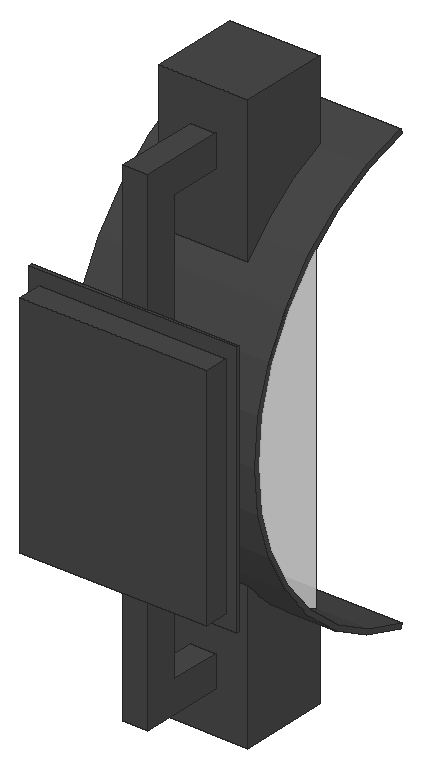
Revit family "3-770-xx - Albedo Wall Sconce", category Luminarias, Revit 2021
Family settings
  Anfitrión = Muro
  Cota de conector redondo = Diámetro de uso
  Tipo de pieza = Normal
  Número OmniClass = 23.80.70.00
  Título OmniClass = Lighting
  Siempre vertical = Sí
  Corte con vacíos al cargar = No
  Origen de luz = Sí
  Compartido = No
  Punto de cálculo de habitación = No
Parameters (values of type "3-770-15 / Black - Clear Bubble Glass")
  Ángulo de inclinación = 90.00°  # constant formula
  Elevación por defecto = 0 mm
  Comentarios de vataje = "1 x 6.0 W at 120 V"  # constant formula
  Wattage = 6.05 W
  built-in parameter 1150110 = 1 (stored number, unit not read)
  Voltage Input = "120 V or 277 V - 50/60 Hz"  # constant formula
  Voltage = 120 V
  URL = "www.oxygenlighting.com"
  built-in parameter 1114217 = 1 (stored number, unit not read)
  built-in parameter 1150109 = 1 (stored number, unit not read)
  built-in parameter 1150134 = (empty or 0)
  built-in parameter 1150113 = 1 (stored number, unit not read)
  References = "Ref. 3 = 120 V / Ref. 37 = 277 V"  # constant formula
  Modelo = "3-770-xx / Albedo Wall Sconce"  # constant formula
  Metal Finish = 15 - Black
  Fabricante = "Oxygen Lighting and Fans"  # constant formula
  Main Diffuser = Clear Bubble Glass
  Lumens = 182.71 lm
  built-in parameter 1150115 = 1 (stored number, unit not read)
  built-in parameter 1150105 = 14.54 (stored number, unit not read)
  built-in parameter 1150137 = (empty or 0)
  built-in parameter 1150139 = (empty or 0)
  built-in parameter 1150112 = 1 (stored number, unit not read)
  built-in parameter 1150114 = 1 (stored number, unit not read)
  Lámpara = "LED Array"  # constant formula
  built-in parameter 1150132 = (empty or 0)
  built-in parameter 1150102 = (empty or 0)
  built-in parameter 1150138 = (empty or 0)
  built-in parameter 1150107 = 3000 (stored number, unit not read)
  built-in parameter 1150106 = 0.1454 (stored number, unit not read)
  built-in parameter 1150104 = 2.8057 (stored number, unit not read)
  Dimming Lamp Color Temperature Shift = (empty or 0)
  Color Filter = 16777215
  built-in parameter 1114218 = 1 (stored number, unit not read)
  Archivo de red fotométrica = "3-770-15 Albedo 14 Sconce.ies"
  built-in parameter 1150133 = 10 (stored number, unit not read)
Reference planes
  plane 1: y = 0
  plane 2 "Light Source Axis (L/R)": x = 125
  plane 3 "Light Source Axis (F/R)": y = 170
  plane 4 "Light Source Elevation": z = 1800
  plane 5: y = 75
Text (mm)
  text "Placement side" at (-1787.139, 1116.779, 0), in view "Ref. Level"
  text "Placement side" at (0, 2110.396, 2986.058), in view "Left"
  text "Placement side" at (0, 628.478, 3011.967), in view "Right"
Dimensions and locks
  locked: plane 4 "Light Source Elevation" to nested 1 at 178
  locked: plane 3 "Light Source Axis (F/R)" to plane 5 at 95
  aligned and locked: plane 1 to host wall
  aligned and locked: plane 2 "Light Source Axis (L/R)" to imposter light
  aligned and locked: plane 5 to host wall
  aligned and locked: nested 1 to plane 2 "Light Source Axis (L/R)"
  aligned and locked: plane 5 to nested 1
  aligned and locked: plane 4 "Light Source Elevation" to imposter light
  aligned and locked: plane 3 "Light Source Axis (F/R)" to imposter light
Nested families
  nested 1: "Family1" at (125, 75, 1800) x (-1, 0, 0) z (0, 0, 1), type "Family1"
Connectors
  electrical at (125, 75, 1800), driven by "Voltage"
    settings: on nested 1, index 1, voltage 120 V, apparent load 0 VA, apparent load phase1 0 VA, apparent load phase2 0 VA, apparent load phase3 0 VA, power factor 1, load classification "Other", number of poles 1, system type 31, power factor state 1, is connector primary yes, connector utility no, sub classification motor no, connector description ""
Definition of nested family "Family1"
  Parameters
    Metal Finish = none
    Default Elevation = 0 mm
    Diffuser = none
  Reference planes
    plane 1 "Center (Front/Back)": y = 0
    plane 2: z = 0
    plane 3 "Center (Left/Right)": x = 0
  Forms (mm)
    Extrusion 1, solid, material <- "Metal Finish"
      sketch origin (0, 0, 0) x (0, 1, 0) y (0, 0, 1)
        loop
          line (0, 70) -> (-15, 70) -> (-15, -70) -> (0, -70) -> (0, 70)
      from -57.15 to 57.15
    Extrusion 2, solid, material <- "Metal Finish"
      sketch origin (0, 0, 0) x (0, 1, 0) y (0, 0, 1)
        loop
          line (-15, 78.5) -> (-17, 78.5) -> (-17, -78.5) -> (-15, -78.5) -> (-15, 78.5)
      from -63.5 to 63.5
    Extrusion 3, solid, material <- "Metal Finish"
      sketch origin (0, 0, 0) x (0, 1, 0) y (0, 0, 1)
        loop
          line (-69.05, 152.6) -> (-69.05, 132.931) -> (-37, 132.931) -> (-37, -132.931) -> (-69.05, -132.931) -> (-69.05, -152.6) -> (-17, -152.6) -> (-17, 152.6) -> (-69.05, 152.6)
      from -7.5 to 7.5
    Extrusion 4, solid, material <- "Metal Finish"
      sketch origin (0, 0, 0) x (0, 1, 0) y (0, 0, 1)
        loop
          line (-124.05, -129.504) -> (-124.05, -178) -> (-69.05, -178) -> (-69.05, -89.093)
          arc (-69.05, -89.093) -> (-94.047, -112.705) -> (-124.05, -129.504) r 139.856
        loop
          arc (-124.05, 129.504) -> (-94.047, 112.705) -> (-69.05, 89.093) r 139.856
          line (-69.05, 89.093) -> (-69.05, 178) -> (-124.05, 178) -> (-124.05, 129.504)
      from -27.5 to 27.5
    Extrusion 5, solid, material <- "Metal Finish"
      sketch origin (0, 0, 0) x (0, 1, 0) y (0, 0, 1)
        loop
          arc (-149.586, 134.112) -> (-40, 0) -> (-149.586, -134.112) r 136.856
          line (-149.586, -134.112) -> (-148.988, -137.052)
          arc (-148.988, -137.052) -> (-37, 0) -> (-148.988, 137.052) r 139.856
          line (-148.988, 137.052) -> (-149.586, 134.112)
      from -57.15 to 57.15
    Extrusion 6, solid, material <- "Diffuser"
      sketch origin (0, 0, 0) x (0, 1, 0) y (0, 0, 1)
        loop
          arc (-121.55, -125.183) -> (-94.359, -109.196) -> (-71.55, -87.408) r 136.856
          line (-71.55, -87.408) -> (-71.55, 87.408)
          arc (-71.55, 87.408) -> (-94.359, 109.196) -> (-121.55, 125.183) r 136.856
          line (-121.55, 125.183) -> (-121.55, -125.183)
      from -27.5 to 27.5
  Dimensions and locks
    aligned and locked: level to plane 2
